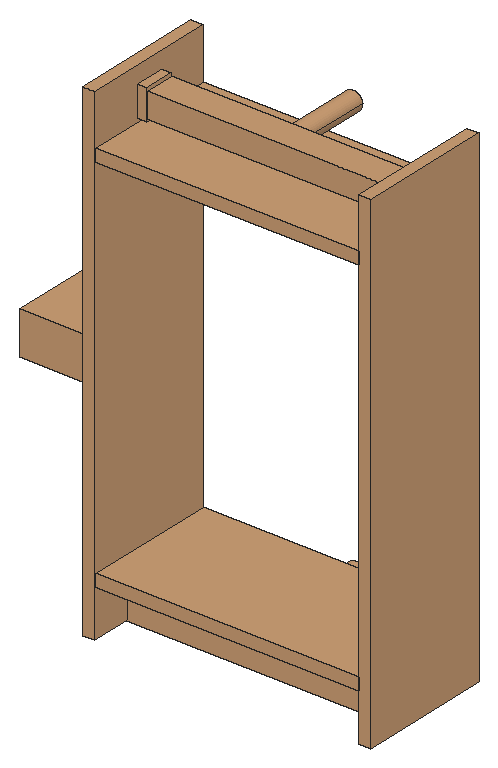
Revit family
Parameters
  Center Of Unit = 0' - 0"  # constant formula
  Water Pressure Drop [instance] = 0.00 psi
  Water Flow [instance] = 0 GPM
  Unit Weight (lbs) = 485
  URL = "http://www.ljwing.com/"
  Water Outlet Radius = 0' - 1 1/2"
  Water Outlet Odd sizes = 0' - 0"
  Total Heating Capacity [instance] = 0.0 Btu/h
  Temperature Rise [instance] = 0 °F
  Series = "VIFB"
  Outlet Area = 17.90 SF
  Number of Rows = 1  # constant formula
  Number of Coils [instance] = 0
  Nominal Length = 3' - 10 7/8"
  Model = "VD-4"
  Manufacturer = "LJ Wing"
  Leaving Water Temperature [instance] = 0 °F
  Leaving Air Temperature [instance] = 0 °F
  Face Velocity (FPM) [instance] = 0
  Entering Water Temperature [instance] = 0 °F
  Entering Air Temperature [instance] = 0 °F
  Description = "Vertical Integral Face & Bypass Water Heating Coils"
  Hot Water Odd Sizes = 0' - 0"
  Hot Water Inlet Offset = 0' - 4 3/8"  # constant formula
  Hot Water Inlet  Radius = 0' - 1 1/2"
  Coil Face Area = Outlet Area * 0.56  # 10.024 SF
  Casing Material = ""
  Assembly Code = "D3020300"
  Air Pressure Drop [instance] = 0.00 in-wg
  Air Inlet Width = Nominal Length - 0' 4"  # 3' - 6 7/8"
  Air Inlet Height = Y  # 5' - 0"
  Air Flow [instance] = 0 CFM
  Z = 0' - 3 3/4"
  Y = 5' - 0"
  S = 0' - 9 3/4"
  Product URL = "http://www.ljwing.com/html/vifb.asp"
  OmniClass = "23-75 70 21 14"
  Nominal Height = 6' - 8"
  Nominal Depth = 1' - 10"
  R = 0' - 10 1/4"
  Q = 0' - 5 7/16"
  P = 0' - 5 1/8"
  L = 0' - 5 15/16"
Reference planes (in)
  plane 1 "Center (Front/Back)": y = 0
  plane 2: z = -30
  plane 3 "Center (Left/Right)": x = 0
  plane 4: z = 40.25
  plane 5: x = -23.4375
  plane 6: x = 23.4375
  plane 7: z = -39.75
  plane 8: z = 0
  plane 9: y = -11
  plane 10: y = 11
  plane 11: z = 30
  plane 12: z = 32
  plane 13: z = -32
  plane 14: x = 21.4375
  plane 15: x = -21.4375
  plane 16: z = 35.125
  plane 17: z = -33.8125
  plane 18: x = -18
  plane 19: x = 18
  plane 20: y = 14.75
  plane 21: y = 15.375
  plane 22: x = -34.4375
  plane 23: x = 0
  plane 24: x = 0
  plane 25: z = 37.125
  plane 26: z = 33.125
  plane 27: y = -2.5
  plane 28: y = 2.5
  plane 29: y = -4.5
Forms (in)
  Extrusion 1, solid, material "Painted Finish"
    sketch origin (0, 6, -9.75) x (1, 0, 0) y (0, 0, 1)
      loop
        line (-23.4375, -30) -> (-21.4375, -30) -> (-21.4375, 50) -> (-23.4375, 50) -> (-23.4375, -30)
      loop
        line (23.4375, -30) -> (23.4375, 50) -> (21.4375, 50) -> (21.4375, -30) -> (23.4375, -30)
    from -5 to 17
  Extrusion 2, solid, material "Painted Finish"
    sketch origin (0, 6, 0) x (1, 0, 0) y (0, 0, 1)
      loop
        line (21.4375, -30) -> (-21.4375, -30) -> (-21.4375, -32) -> (21.4375, -32) -> (21.4375, -30)
      loop
        line (21.4375, 30) -> (21.4375, 32) -> (-21.4375, 32) -> (-21.4375, 30) -> (21.4375, 30)
    from -5 to 17
  Extrusion 3, solid, material "Painted Finish"
    sketch origin (0, 10, -0.5) x (1, 0, 0) y (0, 0, 1)
      loop
        line (-23.4375, 4) -> (-34.4375, 4) -> (-34.4375, -3) -> (-23.4375, -3) -> (-23.4375, 4)
    from 0 to 20
  Extrusion 4, solid, material "Painted Finish"
    sketch origin (0, 6, 0) x (1, 0, 0) y (0, 0, 1)
      loop
        line (-19.8125, 37.125) -> (-19.8125, 33.125) -> (19.8125, 33.125) -> (19.8125, 37.125) -> (-19.8125, 37.125)
    from 3.5 to 8.5
  Extrusion 5, solid, material "Painted Finish"
    sketch origin (0, 0, 0) x (1, 0, 0) y (0, 0, 1)
      loop
        line (-19.8125, 32.625) -> (-19.8125, 37.625) -> (-21.4375, 37.625) -> (-21.4375, 32.625) -> (-19.8125, 32.625)
      loop
        line (21.4375, 32.625) -> (21.4375, 37.625) -> (19.8125, 37.625) -> (19.8125, 32.625) -> (21.4375, 32.625)
    from -2.5 to 2.5
  Extrusion 6, solid, material "Painted Finish"
    sketch origin (0, 23, 0) x (1, 0, 0) y (0, 0, 1)
      loop
        circle (0, 35.125) r 1.5
    from 8.25 to 20.5
  Extrusion 7, solid, material "Painted Finish"
    sketch origin (0, 6, 0) x (1, 0, 0) y (0, 0, 1)
      loop
        line (-21.4375, -32) -> (-21.4375, -39.75) -> (21.4375, -39.75) -> (21.4375, -32) -> (-21.4375, -32)
    from -5 to 10.5
  Extrusion 8, solid, material "Painted Finish"
    sketch origin (0, 23, 0) x (1, 0, 0) y (0, 0, 1)
      loop
        circle (0, -33.8125) r 1.5
    from 7.625 to 12
  Extrusion 9, void
    sketch origin (0, 0, 0) x (1, 0, 0) y (0, 0, 1)
      loop
        line (-21.4375, 30) -> (-21.4375, -30) -> (21.4375, -30) -> (21.4375, 30) -> (-21.4375, 30)
    from -11 to 11
Cuts and joins
  Extrusion 9 cuts Extrusion 1
  Extrusion 9 cuts Extrusion 2
Dimensions and locks (in)
  "Nominal Length": plane 6 to plane 5
  equal spacing: plane 6, plane 3 "Center (Left/Right)", plane 5
  "S": plane 2 to plane 7
  "Nominal Depth": plane 10 to plane 9
  equal spacing: plane 10, plane 1 "Center (Front/Back)", plane 9
  "Y": plane 11 to plane 2
  "R": plane 4 to plane 11
  locked: plane 12 to plane 11 at 2
  locked: plane 2 to plane 13 at 2
  "P": plane 4 to plane 16
  "L": plane 17 to plane 7
  "Q": plane 18 to plane 5
  "Q": plane 6 to plane 19
  "Z": plane 20 to plane 10
  "Hot Water Inlet Offset": plane 21 to plane 10
  locked: plane 5 to plane 22 at 11
  locked: Extrusion 3 sketch curve to Extrusion 3 sketch curve at 7
  locked: Extrusion 3 to Extrusion 3 at 20
  locked: plane 6 to plane 14 at 2
  locked: plane 15 to plane 5 at 2
  "Water Outlet Odd sizes": plane 23 to plane 3 "Center (Left/Right)"
  "Hot Water Odd Sizes": plane 3 "Center (Left/Right)" to plane 24
  equal spacing: plane 25, plane 16, plane 26
  locked: Extrusion 5 sketch curve to plane 25 at 0.5
  locked: plane 26 to Extrusion 5 sketch curve at 0.5
  locked: Extrusion 6 sketch curve to plane 16 at 0
  locked: Extrusion 6 sketch curve to plane 23 at 0
  locked: Extrusion 8 sketch curve to plane 17 at 0
  locked: Extrusion 8 sketch curve to plane 24 at 0
  locked: plane 25 to plane 26 at 4
  locked: plane 28 to plane 27 at 5
  equal spacing: plane 28, plane 1 "Center (Front/Back)", plane 27
  locked: plane 27 to plane 29 at 2
  plane 4 to plane 7 = 6' - 8"
  locked: Extrusion 5 sketch curve to Extrusion 1 at 1.625
  locked: Extrusion 5 sketch curve to Extrusion 5 sketch curve at 1.625
  locked: Extrusion 9 sketch curve to plane 11 at 0
  locked: Extrusion 9 sketch curve to plane 15 at 0
  locked: Extrusion 9 sketch curve to plane 14 at 0
  locked: Extrusion 9 sketch curve to plane 2 at 0
  equal spacing: plane 11, plane 8, plane 2
  "Water Outlet Radius": radius of Extrusion 6 sketch curve
  "Hot Water Inlet  Radius": radius of Extrusion 8 sketch curve
  aligned and locked: Extrusion 1 to plane 9
  aligned and locked: Extrusion 1 to plane 10
  aligned and locked: Extrusion 1 to plane 15
  aligned and locked: Extrusion 1 to plane 14
  aligned and locked: Extrusion 2 to plane 9
  aligned and locked: plane 9 to Extrusion 1
  aligned and locked: plane 10 to Extrusion 1  (x2)
  aligned and locked: Extrusion 2 to plane 10
  aligned and locked: plane 10 to Extrusion 2  (x2)
  aligned and locked: plane 9 to Extrusion 2  (x2)
  aligned and locked: plane 5 to Extrusion 3
  aligned and locked: Extrusion 5 sketch curve to plane 15
  aligned and locked: Extrusion 5 sketch curve to Extrusion 4
  aligned and locked: Extrusion 6 to plane 20
  aligned and locked: Extrusion 1 to Extrusion 7
  aligned and locked: Extrusion 8 to plane 10
  aligned and locked: plane 21 to Extrusion 8
  aligned and locked: plane 27 to Extrusion 5
  aligned and locked: Extrusion 5 to Extrusion 4  (x2)
  aligned and locked: Extrusion 5 to plane 28
  aligned and locked: Extrusion 6 to Extrusion 4
  aligned and locked: Extrusion 7 to plane 29  (x2)
  aligned and locked: Extrusion 8 to Extrusion 7
  aligned and locked: Extrusion 4 to Extrusion 5  (x2)
  aligned and locked: Extrusion 5 to Extrusion 1  (x2)
  aligned and locked: plane 2 to Extrusion 2
  aligned and locked: Extrusion 1 sketch curve to plane 6
  aligned and locked: Extrusion 1 sketch curve to plane 14
  aligned and locked: Extrusion 1 sketch curve to plane 15
  aligned and locked: Extrusion 1 sketch curve to plane 5
  aligned and locked: plane 7 to Extrusion 1 sketch curve  (x2)
  aligned and locked: Extrusion 1 sketch curve to plane 4  (x2)
  aligned and locked: Extrusion 2 sketch curve to plane 11
  aligned and locked: Extrusion 2 sketch curve to plane 12
  aligned and locked: Extrusion 2 sketch curve to plane 14  (x2)
  aligned and locked: Extrusion 2 sketch curve to plane 15  (x2)
  aligned and locked: Extrusion 2 sketch curve to plane 13
  aligned and locked: plane 2 to Extrusion 2 sketch curve
  aligned and locked: plane 13 to Extrusion 7 sketch curve
  aligned and locked: Extrusion 7 sketch curve to plane 7
  aligned and locked: Extrusion 7 sketch curve to plane 14
  aligned and locked: Extrusion 7 sketch curve to plane 15
  aligned and locked: cut or joined group of Extrusion 1, Extrusion 9 to plane 10
  aligned and locked: Extrusion 8 to plane 21
Automatic sketch dimensions
  Extrusion 3 sketch curve to plane 22 = 0' - 0"
  Extrusion 3 sketch curve to plane 5 = 0' - 0"
  plane 8 to Extrusion 3 sketch curve = 0' - 3 1/2"
  Extrusion 4 sketch curve to plane 25 = 0' - 0"
  Extrusion 4 sketch curve to plane 26 = 0' - 0"
  Extrusion 4 sketch curve to plane 18 = 0' - 1 13/16"
  plane 19 to Extrusion 4 sketch curve = 0' - 1 13/16"
  plane 26 to Extrusion 5 sketch curve = 0' - 0 1/2"
  Extrusion 5 sketch curve to plane 25 = 0' - 0 1/2"
Connectors (in)
  hvac at (0, -11, 0), driven by "Air Inlet Height", driven by "Air Inlet Width", driven by "Air Flow", driven by "Air Pressure Drop"
    settings: on Extrusion 9, index 1
  hvac at (0, 11, 0), driven by "Air Pressure Drop", driven by "Air Inlet Height", driven by "Air Inlet Width", driven by "Air Flow"
    settings: on Extrusion 9, index 2
  piping at (0, 14.75, 35.125), driven by "Water Flow", driven by "Water Outlet Radius", driven by "Water Pressure Drop"
    settings: on Extrusion 6, index 3
  piping at (0, 15.375, -33.8125), driven by "Water Flow", driven by "Water Pressure Drop", driven by "Hot Water Inlet  Radius"
    settings: on Extrusion 8, index 4
